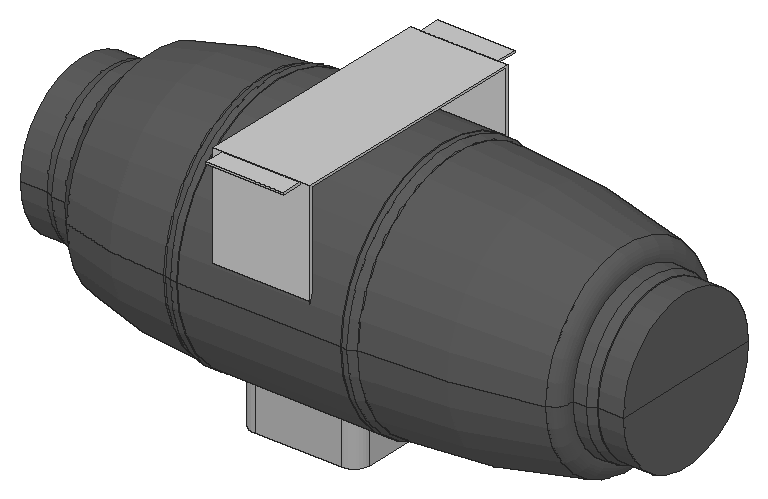
Revit family "AV150", category Mechanical Equipment, Revit 2023
Family settings
  Round Connector Dimension = Use Diameter
  Classification = None
  Part Type = Breaks Into
  OmniClass Number = 23.75.35.17.11
  OmniClass Title = Fans for Air Ductwork
  Work Plane-Based = No
  Always vertical = No
  Cut with Voids When Loaded = No
  Maintain Annotation Orientation = No
  Shared = No
  Room Calculation Point = No
Parameters (values of type "Aventa Silent AVS150")
  Weight = 6.10 kg
  Voltage = 230 V
  URL = "https://www.airflow.com/"
  Type Comments = "Inlinefan single speed up to 555m3/h"
  Transported Air Temperature (°C) = "-25...+60"
  RPM (min-1) = 2645
  R1 = D1 / 2  # 122 mm
  Protection rating = "IPX4"
  Power Factor = 1
  Number of Poles = 1
  Noise Level at 3 m (dBa) = 33
  Mounting Hanger [instance] = yes
  Maintenance Zone Length Calc = if(Maintenance Zone Length < L, L, Maintenance Zone Length)  # 600 mm
  L27 = 6 mm
  L26 = 8 mm
  L25 = L21 - L22 - L23 - L24 - L26 - L27  # 163 mm
  L24 = 11 mm
  L21 = 209 mm
  L17 = 6 mm
  L16 = 8 mm
  L15 = L11 - L12 - L13 - L14 - L16 - L17  # 107 mm
  L14 = 21 mm
  L11 = 163 mm
  HangerW = 93 mm
  HangerL1 = 238 mm
  HangerL = 238 mm
  HangerH = HangerBaseH  # 126 mm
  HangerExtraL = yes
  HangerBaseH = 126 mm
  Model = "Aventa Silent AVS150"
  Manufacturer = "Vents"
  Maintenance Zone Width = 600 mm
  Maintenance Zone Material = Maintenance Zone
  Maintenance Zone Length = 600 mm
  Maintenance Zone Height = 600 mm
  Maintenance Zone [instance] = no
  Load Classification = HVAC
  L23 = 13 mm
  L22 = 8 mm
  L2 = 25 mm
  L13 = 13 mm
  L12 = 8 mm
  L1 = 25 mm
  L = 580 mm
  Hanger Material = Metal Zinc
  Flow direction symbol [instance] = yes
  Flow Factor [instance] = 1  # constant formula
  Family Version = "1.0"  # constant formula
  ElBoxW = 150 mm
  ElBoxR = 15 mm  # constant formula
  ElBoxL = 114 mm
  ElBoxH = 137 mm
  Distribution Box Material = Distribution Box Dark Grey
  Description = "Inline mixed-flow fan suitable for domestic and light commercial facilities"
  Default Elevation = 0 mm
  Dd26 = 44 mm
  Dd24 = 22 mm
  Dd22 = 3 mm
  Dd23 = 4 mm
  Dd16 = 45 mm
  Dd14 = 28 mm
  Dd13 = 4 mm
  Dd12 = 3 mm
  D1 = 244 mm
  D = 150 mm
  Copyright = "©Airflow"
  Duct Connection Size = 150 mm
  Fan Material = Metal Black
  Maximum Air Flow = 555 m³/h
  Air Flow [instance] = 0 m³/h
  Power = 52 W
  Current = 0.23 A
  Apparent Power = Power / Power Factor  # 52 VA
Reference planes
  plane 1 "Center (Front/Back)": y = 0
  plane 2: z = 0
  plane 3 "Center (Left/Right)": x = 0
  plane 4: y = 75
  plane 5: y = -75
  plane 6: y = 122
  plane 7: y = -122
  plane 8: x = 580
  plane 9 "C": x = 346
  plane 10: x = 188
  plane 11 "CenterL": x = 290
  plane 12: x = 25
  plane 13: x = 182
  plane 14: y = 78
  plane 15 "CenterOfCentralPart": x = 267
  plane 16: y = 75
  plane 17: y = -75
  plane 18: x = 210
  plane 19: x = 324
  plane 20 "ElBoxHeight": z = -137
  plane 21 "HangerHeight": z = 126
  plane 22: y = 79
  plane 23: y = 103
  plane 24: x = 67
  plane 25: x = 46
  plane 26: x = 33
  plane 27: x = 174
  plane 28: y = 120
  plane 29: x = 175
  plane 30: x = 352
  plane 31: y = 78
  plane 32: y = 79
  plane 33: y = 97
  plane 34: x = 523
  plane 35: x = 534
  plane 36: x = 547
  plane 37: x = 360
  plane 38: y = 119
  plane 39: x = 359
  plane 40: x = 555
Forms (mm)
  Revolve 1, solid, material "Metal Black" <- "Fan Material", detail levels medium+fine
    sketch origin (368, 0, 0) x (1, 0, 0) y (0, 1, 0)
      loop
        line (-343, 0) -> (-180, 0) -> (-180, 122) -> (-186, 122) -> (-193, 120) -> (-194, 120)
        arc (-194, 120) -> (-248.171, 115.724) -> (-301, 103) r 345.235
        arc (-301, 103) -> (-311.811, 91.272) -> (-322, 79) r 307.953
        line (-322, 79) -> (-335, 78) -> (-343, 75) -> (-343, 0)
      axis (-180, 0) -> (-343, 0)
    angle from 0 to 360
  Revolve 2, solid, material "Metal Black" <- "Fan Material", detail levels medium+fine
    sketch origin (368, 0, 0) x (1, 0, 0) y (0, 1, 0)
      loop
        line (187, 75) -> (187, 0) -> (212, 0) -> (212, 75) -> (187, 75)
      axis (212, 0) -> (187, 0)
    angle from 0 to 360
  Revolve 3, solid, material "Metal Black" <- "Fan Material", detail levels medium+fine
    sketch origin (368, 0, 0) x (1, 0, 0) y (0, 1, 0)
      loop
        line (-368, 75) -> (-368, 0) -> (-343, 0) -> (-343, 75) -> (-368, 75)
      axis (-343, 0) -> (-368, 0)
    angle from 0 to 360
  Revolve 4, solid, material "Metal Black" <- "Fan Material", detail levels medium+fine
    sketch origin (0, 0, 0) x (1, 0, 0) y (0, 1, 0)
      loop
        line (188, 122) -> (188, 0) -> (346, 0) -> (346, 122) -> (188, 122)
      axis (188, 0) -> (346, 0)
    angle from 0 to 360
  Extrusion 5, solid, material "Distribution Box Dark Grey" <- "Distribution Box Material", detail levels medium+fine
    sketch origin (0, 0, 0) x (1, 0, 0) y (0, 1, 0)
      loop
        arc (225, 75) -> (214.393, 70.607) -> (210, 60) r 15
        line (210, 60) -> (210, -60)
        arc (210, -60) -> (214.393, -70.607) -> (225, -75) r 15
        line (225, -75) -> (309, -75)
        arc (309, -75) -> (319.607, -70.607) -> (324, -60) r 15
        line (324, -60) -> (324, 60)
        arc (324, 60) -> (319.607, 70.607) -> (309, 75) r 15
        line (309, 75) -> (225, 75)
    from 0 to -137
  Revolve 6, solid, material "Metal Black" <- "Fan Material", detail levels medium+fine
    sketch origin (117, 0, 0) x (-1, 0, 0) y (0, 1, 0)
      loop
        line (-438, 0) -> (-229, 0) -> (-229, 122) -> (-235, 122) -> (-242, 119) -> (-243, 119)
        arc (-243, 119) -> (-325.239, 113.475) -> (-406, 97) r 614.841
        arc (-406, 97) -> (-415.063, 90.177) -> (-417, 79) r 15.409
        line (-417, 79) -> (-430, 78) -> (-438, 75) -> (-438, 0)
      axis (-229, 0) -> (-438, 0)
    angle from 0 to 360
Cuts and joins
  joined: Revolve 1, Revolve 3
Dimensions and locks
  equal spacing: plane 4, plane 1 "Center (Front/Back)", plane 5
  "D": plane 4 to plane 5
  equal spacing: plane 7, plane 1 "Center (Front/Back)", plane 6
  "D1": plane 6 to plane 7
  "L": plane 3 "Center (Left/Right)" to plane 8
  equal spacing: plane 3 "Center (Left/Right)", plane 11 "CenterL", plane 8
  "L1": plane 3 "Center (Left/Right)" to plane 12
  "Dd12": plane 14 to plane 4
  equal spacing: plane 10, plane 15 "CenterOfCentralPart", plane 9 "C"
  equal spacing: plane 17, plane 1 "Center (Front/Back)", plane 16
  "ElBoxW": plane 16 to plane 17
  equal spacing: plane 18, plane 15 "CenterOfCentralPart", plane 19
  "ElBoxL": plane 18 to plane 19
  "ElBoxH": level to plane 20 "ElBoxHeight"
  "HangerBaseH": plane 21 "HangerHeight" to level
  "Dd13": plane 22 to plane 4
  "Dd14": plane 23 to plane 4
  "L11": plane 12 to plane 10
  "L12": plane 12 to plane 26
  "L13": plane 26 to plane 25
  "L14": plane 25 to plane 24
  "L17": plane 13 to plane 10
  "L16": plane 27 to plane 13
  "Dd16": plane 28 to plane 4
  locked: plane 27 to plane 29 at 1
  "L23": plane 36 to plane 35
  "L24": plane 35 to plane 34
  "L26": plane 37 to plane 30
  locked: plane 37 to plane 39 at 1
  "L2": plane 40 to plane 8
  "L21": plane 9 "C" to plane 40
  "L22": plane 36 to plane 40
  "L27": plane 9 "C" to plane 30
  "Dd22": plane 31 to plane 4
  "Dd23": plane 32 to plane 4
  "Dd24": plane 33 to plane 4
  "Dd26": plane 38 to plane 4
  "ElBoxR": radius of Extrusion 5 sketch curve  (x4)
  aligned and locked: level to plane 2
  aligned and locked: Revolve 2 sketch curve to plane 4
  aligned and locked: Revolve 2 sketch curve to plane 8
  aligned and locked: Revolve 2 sketch curve to plane 1 "Center (Front/Back)"
  aligned and locked: Revolve 3 sketch curve to plane 4
  aligned and locked: Revolve 3 sketch curve to plane 1 "Center (Front/Back)"
  aligned and locked: plane 3 "Center (Left/Right)" to Revolve 3 sketch curve
  aligned and locked: plane 1 "Center (Front/Back)" to nested 1
  aligned and locked: nested 2 to level
  aligned and locked: plane 1 "Center (Front/Back)" to nested 3
  aligned and locked: nested 3 to plane 3 "Center (Left/Right)"
  aligned and locked: plane 1 "Center (Front/Back)" to nested 4
  aligned and locked: Revolve 4 sketch curve to plane 6
  aligned and locked: Revolve 4 sketch curve to nested 4
  aligned and locked: Revolve 4 sketch curve to Revolve 4 sketch curve  (x2)
  aligned and locked: plane 11 "CenterL" to nested 4
  aligned and locked: Revolve 4 sketch curve to plane 9 "C"
  aligned and locked: plane 15 "CenterOfCentralPart" to nested 1
  aligned and locked: Extrusion 5 sketch curve to plane 16
  aligned and locked: plane 18 to Extrusion 5 sketch curve
  aligned and locked: plane 17 to Extrusion 5 sketch curve
  aligned and locked: Extrusion 5 sketch curve to plane 19
  aligned and locked: Extrusion 5 to plane 20 "ElBoxHeight"
  aligned and locked: plane 15 "CenterOfCentralPart" to nested 2
  aligned and locked: nested 5 to plane 1 "Center (Front/Back)"
  aligned and locked: plane 15 "CenterOfCentralPart" to nested 5
  aligned and locked: Revolve 1 sketch curve to plane 1 "Center (Front/Back)"
  aligned and locked: plane 4 to Revolve 1 sketch curve
  aligned and locked: plane 1 "Center (Front/Back)" to Revolve 1 sketch curve
  aligned and locked: Revolve 1 sketch curve to plane 6
  aligned and locked: plane 29 to Revolve 1 sketch curve
  aligned and locked: plane 28 to Revolve 1 sketch curve
  aligned and locked: Revolve 6 sketch curve to plane 39
  aligned and locked: Revolve 6 sketch curve to plane 38
  aligned and locked: Revolve 2 to plane 40
Automatic sketch dimensions
  plane 1 "Center (Front/Back)" to Revolve 2 sketch curve = 0 mm
  Revolve 2 sketch curve to plane 8 = 25 mm
  Revolve 2 sketch curve to plane 3 "Center (Left/Right)" = 1632 mm
  Revolve 2 sketch curve to Revolve 2 sketch curve = 2138 mm
  plane 1 "Center (Front/Back)" to Revolve 3 sketch curve = 0 mm
  Revolve 3 sketch curve to plane 12 = 0 mm
  Revolve 3 sketch curve to plane 3 "Center (Left/Right)" = 1646 mm
  plane 8 to Revolve 3 sketch curve = 2149 mm
  Revolve 4 sketch curve to plane 10 = 0 mm
  Revolve 4 sketch curve to plane 11 "CenterL" = 0 mm
  Revolve 1 sketch curve to plane 12 = 0 mm
  Revolve 1 sketch curve to plane 14 = 0 mm
  Revolve 1 sketch curve to plane 26 = 0 mm
  Revolve 1 sketch curve to plane 22 = 0 mm
  Revolve 1 sketch curve to plane 25 = 0 mm
  Revolve 1 sketch curve to plane 23 = 0 mm
  Revolve 1 sketch curve to plane 24 = 0 mm
  Revolve 1 sketch curve to plane 27 = 0 mm
  Revolve 1 sketch curve to plane 13 = 0 mm
  Revolve 1 sketch curve to plane 10 = 0 mm
  Revolve 1 sketch curve to plane 11 "CenterL" = 2.053 mm
  Revolve 1 sketch curve to plane 3 "Center (Left/Right)" = 2000 mm
  plane 8 to Revolve 1 sketch curve = 1495 mm
  plane 1 "Center (Front/Back)" to Revolve 6 sketch curve = 0 mm  (x2)
  Revolve 6 sketch curve to plane 40 = 0 mm
  Revolve 6 sketch curve to plane 31 = 0 mm
  Revolve 6 sketch curve to plane 36 = 0 mm
  Revolve 6 sketch curve to plane 32 = 0 mm
  Revolve 6 sketch curve to plane 35 = 0 mm
  Revolve 6 sketch curve to plane 33 = 0 mm  (x2)
  Revolve 6 sketch curve to plane 34 = 0 mm
  Revolve 6 sketch curve to plane 37 = 0 mm
  Revolve 6 sketch curve to plane 6 = 0 mm
  Revolve 6 sketch curve to plane 30 = 0 mm
  Revolve 6 sketch curve to plane 9 "C" = 0 mm
  Revolve 6 sketch curve to plane 4 = 0 mm
  Revolve 6 sketch curve to plane 8 = 1980 mm
  plane 3 "Center (Left/Right)" to Revolve 6 sketch curve = 1515 mm
Nested families
  nested 1: "GraphicalSymbol_Fun_FlowDirection" at (267, 0, 0), visible <- "Flow direction symbol", type "GraphicalSymbol_Fun_FlowDirection", detail levels medium+fine
    with Length 50 mm, Height 50 mm, B 25 mm, A 16.667 mm
  nested 2: "GraphicalSymbol_Fun_FlowDirection" at (267, 0, 0) x (1, 0, 0) z (0, -1, 0), type "GraphicalSymbol_Fun_FlowDirection"
    with Length 50 mm, Height 50 mm, B 25 mm, A 16.667 mm
  nested 3: "GraphicalSymbol_Fan_1" at (290, 0, 0), type "GraphicalSymbol_Fan_1", detail levels coarse
    with Diameter 580 mm, A 145 mm
  nested 4: "MaintenanceZone_Rect" at (290, 0, 0), visible <- "Maintenance Zone", type "MaintenanceZone_Rect", detail levels medium+fine
    with Maintenance Zone Width 600 mm, Maintenance Zone Length 600 mm, Maintenance Zone Height 600 mm
  nested 5: "MountingHanger" at (267, 0, 126) x (0, 1, 0) z (0, 0, -1), visible <- "Mounting Hanger", type "MountingHanger", detail levels medium+fine
    with Width1 74.4 mm, Width 93 mm, Length2 278 mm, Length 238 mm, Lenght1Calc 237.5 mm, Length1 238 mm, Height 126 mm, ExtraLength yes
Connectors
  hvac at (0, 0, 0), driven by "Duct Connection Size", driven by "Air Flow"
    settings: on cut or joined group of Revolve 1, Revolve 3, index 4, duct flow 0 m³/h, flow factor 0, pres drop 0.0 Pa, loss coef 0, conn angle 0.00°, conn width 304.8 mm, conn height 304.8 mm, conn diameter 150 mm, duct sys type 29, conn prof type 0, flow config 0, flow direction 0, loss method 0, conn ref index 5, conn util no, is conn primary yes, conn desc ""
  hvac at (580, 0, 0), driven by "Duct Connection Size"
    settings: on Revolve 2, index 5, duct flow 0 m³/h, flow factor 0, pres drop 0.0 Pa, loss coef 0, conn angle 0.00°, conn width 304.8 mm, conn height 304.8 mm, conn diameter 150 mm, duct sys type 28, conn prof type 0, flow config 0, flow direction 0, loss method 0, conn ref index 4, conn util no, is conn primary no, conn desc ""
  electrical at (267, 0, -137), driven by "Number of Poles", driven by "Load Classification", driven by "Voltage", driven by "Apparent Power", driven by "Power Factor"
    settings: on Extrusion 5, index 6, voltage 230 V, apparent load 52 VA, apparent load phase1 0 VA, apparent load phase2 0 VA, apparent load phase3 0 VA, power factor 1, load classification "HVAC", number of poles 1, system type 30, power factor state 1, is connector primary yes, connector utility no, sub classification motor no, connector description ""
Definition of nested family "MaintenanceZone_Rect"
  Parameters (values of type "MaintenanceZone_Rect")
    Maintenance Zone Width = 500 mm
    Material = none
    Maintenance Zone Length = 1000 mm
    Maintenance Zone Height = 300 mm
    Family Version = ""
    Default Elevation = 1219.2 mm
    Copyright = ""
  Reference planes
    plane 1 "Center (Front/Back)": y = 0
    plane 2: z = 0
    plane 3 "Center (Left/Right)": x = 0
    plane 4: x = -500
    plane 5: x = 500
    plane 6: y = 250
    plane 7: y = -250
    plane 8: z = -300
  Forms (mm)
    Extrusion 1, solid, material <- "Material", detail levels medium+fine
      sketch origin (0, 0, 0) x (1, 0, 0) y (0, 1, 0)
        loop
          line (-500, 250) -> (-500, -250) -> (500, -250) -> (500, 250) -> (-500, 250)
      from 0 to -300
  Lines and regions (mm)
    symbolic lines, detail levels medium+fine
      curve 1: line (-500, 0, 0) -> (500, 0, 0)
      curve 2: line (-500, 0, -300) -> (-500, 0, 0)
      curve 3: line (500, 0, -300) -> (-500, 0, -300)
      curve 4: line (500, 0, 0) -> (500, 0, -300)
      curve 5: line (0, 250, 0) -> (0, -250, 0)
      curve 6: line (0, 250, -300) -> (0, 250, 0)
      curve 7: line (0, -250, -300) -> (0, 250, -300)
      curve 8: line (0, -250, 0) -> (0, -250, -300)
      curve 9: line (-500, 250, 0) -> (500, 250, 0)
      curve 10: line (-500, -250, 0) -> (-500, 250, 0)
      curve 11: line (500, -250, 0) -> (-500, -250, 0)
      curve 12: line (500, 250, 0) -> (500, -250, 0)
  Dimensions and locks
    equal spacing: plane 6, plane 1 "Center (Front/Back)", plane 7
    equal spacing: plane 4, plane 3 "Center (Left/Right)", plane 5
    "Maintenance Zone Width": plane 6 to plane 7
    "Maintenance Zone Length": plane 4 to plane 5
    "Maintenance Zone Height": plane 2 to plane 8
    aligned and locked: level to plane 2
    aligned and locked: Extrusion 1 sketch curve to plane 6
    aligned and locked: plane 4 to Extrusion 1 sketch curve
    aligned and locked: plane 7 to Extrusion 1 sketch curve
    aligned and locked: Extrusion 1 sketch curve to plane 5
    aligned and locked: Extrusion 1 to plane 8
    aligned and locked: curve 1 to Extrusion 1
    aligned and locked: curve 2 to Extrusion 1
    aligned and locked: curve 3 to Extrusion 1
    aligned and locked: curve 4 to Extrusion 1
    aligned and locked: curve 5 to Extrusion 1
    aligned and locked: curve 6 to Extrusion 1
    aligned and locked: curve 7 to Extrusion 1
    aligned and locked: curve 8 to Extrusion 1
    aligned and locked: curve 9 to Extrusion 1
    aligned and locked: curve 10 to Extrusion 1
    aligned and locked: curve 11 to Extrusion 1
    aligned and locked: curve 12 to Extrusion 1
Definition of nested family "MountingHanger"
  Parameters (values of type "MountingHanger")
    Width1 = Width * 0.8  # 160 mm
    Width = 200 mm
    Thikness = 2 mm
    Material = none
    Length2 = Length + 20 mm * 2  # 518 mm
    Length = 478 mm
    Lenght1Calc = if(Length1 = Length, Length - 0.5 mm, Length1)  # 396 mm
    Length1 = 396 mm
    Height1 = 10 mm
    Height = 219 mm
    ExtraLength = no
    Default Elevation = 1219.2 mm
  Reference planes
    plane 1 "Center (Front/Back)": y = 0
    plane 2: z = 0
    plane 3 "Center (Left/Right)": x = 0
    plane 4: x = -239
    plane 5: x = 239
    plane 6: y = 100
    plane 7: y = -100
    plane 8: z = 219
    plane 9: x = -198
    plane 10: x = 198
    plane 11: z = 209
    plane 12: y = 80
    plane 13: y = -80
    plane 14: x = -259
    plane 15: x = 259
    plane 16: x = -239
    plane 17: x = 239
  Forms (mm)
    Extrusion 1, solid, material <- "Material"
      sketch origin (0, 0, 0) x (1, 0, 0) y (0, 0, 1)
        loop
          line (-198, 209) -> (-239, 0) -> (239, 0) -> (198, 209) -> (198, 219) -> (196, 219) -> (196, 208.806) -> (236.57, 2) -> (-236.57, 2) -> (-196, 208.806) -> (-196, 219) -> (-198, 219) -> (-198, 209)
      from -100 to 100
    Extrusion 2, solid, material <- "Material", visible <- "ExtraLength"
      sketch origin (0, 0, 0) x (1, 0, 0) y (0, 1, 0)
        loop
          line (-259, 80) -> (-259, -80) -> (-239, -80) -> (-239, 80) -> (-259, 80)
        loop
          line (239, 80) -> (239, -80) -> (259, -80) -> (259, 80) -> (239, 80)
      from 0 to 2
  Dimensions and locks
    equal spacing: plane 4, plane 3 "Center (Left/Right)", plane 5
    "Length": plane 4 to plane 5
    plane 8 to level = 219 mm
    equal spacing: plane 6, plane 1 "Center (Front/Back)", plane 7
    "Width": plane 6 to plane 7
    "Height": plane 8 to level
    "Thikness": Extrusion 1 sketch curve to level
    "Thikness": Extrusion 1 sketch curve to Extrusion 1 sketch curve  (x2)
    "Thikness": Extrusion 1 sketch curve to plane 9
    "Thikness": plane 10 to Extrusion 1 sketch curve
    equal spacing: plane 9, plane 3 "Center (Left/Right)", plane 10
    "Lenght1Calc": plane 9 to plane 10
    "Height1": plane 8 to plane 11
    equal spacing: plane 12, plane 1 "Center (Front/Back)", plane 13
    "Width1": plane 12 to plane 13
    equal spacing: plane 14, plane 3 "Center (Left/Right)", plane 15
    "Length2": plane 14 to plane 15
    "Thikness": Extrusion 2 to level
    equal spacing: plane 16, plane 3 "Center (Left/Right)", plane 17
    "Length": plane 16 to plane 17
    aligned and locked: level to plane 2
    aligned and locked: plane 6 to Extrusion 1
    aligned and locked: Extrusion 1 to plane 7
    aligned and locked: plane 9 to Extrusion 1 sketch curve
    aligned and locked: plane 10 to Extrusion 1 sketch curve
    aligned and locked: Extrusion 2 sketch curve to plane 12  (x2)
    aligned and locked: plane 14 to Extrusion 2 sketch curve
    aligned and locked: plane 13 to Extrusion 2 sketch curve  (x2)
    aligned and locked: Extrusion 2 sketch curve to plane 16
    aligned and locked: plane 17 to Extrusion 2 sketch curve
    aligned and locked: Extrusion 2 sketch curve to plane 15
  Automatic sketch dimensions
    Extrusion 1 sketch curve to level = 0 mm
    Extrusion 1 sketch curve to plane 4 = 0 mm
    Extrusion 1 sketch curve to plane 5 = 0 mm
    Extrusion 1 sketch curve to plane 11 = 0 mm  (x2)
    Extrusion 1 sketch curve to plane 8 = 0 mm  (x2)
Definition of nested family "GraphicalSymbol_Fun_FlowDirection"
  Parameters (values of type "GraphicalSymbol_Fun_FlowDirection")
    Length = 100 mm
    Height = Length  # 100 mm
    B = Length / 2  # 50 mm
    A = Length / 3  # 33.333 mm
  Reference planes
    plane 1 "Center (Front/Back)": y = 0
    plane 2: z = 0
    plane 3 "Center (Left/Right)": x = 0
    plane 4: x = -33.333
    plane 5: x = 50
    plane 6: y = 50
    plane 7: y = -50
  Lines and regions (mm)
    detail lines, in view "Ref. Level"
      curve 1: line (-33.333, 50, 0) -> (-33.333, -50, 0)
      curve 2: line (50, 0, 0) -> (-33.333, -50, 0)
      curve 3: line (50, 0, 0) -> (-33.333, 50, 0)
  Dimensions and locks
    "A": plane 4 to plane 3 "Center (Left/Right)"
    "B": plane 3 "Center (Left/Right)" to plane 5
    equal spacing: plane 6, plane 1 "Center (Front/Back)", plane 7
    "Height": plane 6 to plane 7
    aligned and locked: curve 1 to plane 4
  Automatic sketch dimensions
    plane 1 "Center (Front/Back)" to curve 3 = 0 mm
    curve 3 to plane 5 = 0 mm
    curve 2 to plane 7 = 0 mm
    curve 3 to plane 6 = 0 mm
Definition of nested family "GraphicalSymbol_Fan_1"
  Parameters (values of type "GraphicalSymbol_Fan_1")
    Diameter = 100 mm
    Default Elevation = 1219.2 mm
    A = Diameter / 4  # 25 mm
  Reference planes
    plane 1 "Center (Front/Back)": y = 0
    plane 2: z = 0
    plane 3 "Center (Left/Right)": x = 0
    plane 4: x = -25
  Lines and regions (mm)
    model lines
      curve 1: circle (0, 0, 0) r 50 normal (0, 0, 1)
      curve 4: line (-25, 43.301, 0) -> (-25, -43.301, 0)
      curve 5: line (-25, 43.301, 0) -> (50, 0, 0)
      curve 6: line (-25, -43.301, 0) -> (50, 0, 0)
    reference lines
      curve 2: line (50, 141.389, 0) -> (50, -158.611, 0)
      curve 3: line (-50, 141.389, 0) -> (-50, -158.611, 0)
  Dimensions and locks
    equal spacing: curve 3, plane 3 "Center (Left/Right)", curve 2
    "Diameter": curve 3 to curve 2
    "A": plane 4 to plane 3 "Center (Left/Right)"
    "Diameter": diameter of curve 1
    aligned and locked: level to plane 2
  Automatic sketch dimensions
    curve 4 to plane 4 = 0 mm
    plane 1 "Center (Front/Back)" to curve 1 = 0 mm
    curve 1 to plane 3 "Center (Left/Right)" = 0 mm
    plane 1 "Center (Front/Back)" to curve 6 = 0 mm
    plane 1 "Center (Front/Back)" to curve 2 = 158.611 mm
    curve 3 to curve 2 = 0 mm  (x2)
    curve 3 to plane 1 "Center (Front/Back)" = 141.389 mm
